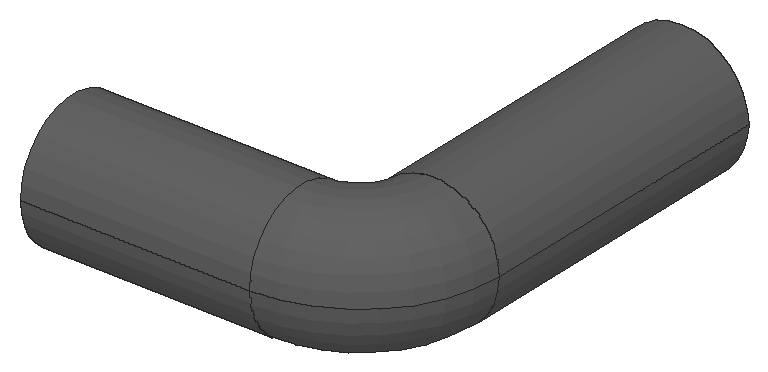
Revit family "QSS+_Отвод 45 и 87", category Соединительные детали трубопроводов, Revit 2019
Family settings
  Размер круглого соединителя = Использовать диаметр
  Тип детали = Отвод
  На основе рабочей плоскости = Нет
  Всегда вертикально = Да
  При загрузке вырезать с полостями = Нет
  Общий = Нет
Parameters (values of type "QSS+")
  Усиленный [instance] = no
  Угол [instance] = 90.00°
  Типовой = no
  Поиск в таблице имен = "QSS+_Отвод 45 и 87"
  Размер засечки [instance] = 22.5 mm
  Радиус изгиба [instance] = ADSK_Диаметр условный / 2 + 2 mm  # 22 mm
  Description = ""
  Обратить [instance] = yes
  Материал = Пластик
  Assembly Code = ""
  Manufacturer = ""
  z2 [instance] = k1 + A  # 91.3 mm
  z1 [instance] = K + A  # 116 mm
  k1 [instance] = size_lookup(Поиск в таблице имен, "k1", 100 mm, ADSK_Диаметр условный, ADSK_Угол)  # 69.3 mm
  d [instance] = ADSK_Диаметр условный / 2  # 20 mm
  a [instance] = (180.00° - ADSK_Угол) / 2  # 45.75°
  K [instance] = size_lookup(Поиск в таблице имен, "K", 100 mm, ADSK_Диаметр условный, ADSK_Угол)  # 94 mm
  URL = ""
  DN2 [instance] = 40 mm
  DN [instance] = 110 mm
  ADSK_Угол [instance] = if(Угол < 22.50°, 15.00°, if(Угол < 37.50°, 30.00°, if(Угол < 56.50°, 45.00°, if(Угол < 78.00°, 67.30°, 88.50°))))  # 88.50°
  ADSK_Наименование краткое = "Отвод"
  ADSK_Наименование [instance] = size_lookup(Поиск в таблице имен, "ADSK_Наименование", "Нет в каталоге", ADSK_Диаметр условный, ADSK_Угол)  # "Отвод 88.5° DN40"
  ADSK_Масса_Текст [instance] = ""
  ADSK_Масса [instance] = 0
  ADSK_Марка = ""
  ADSK_Код изделия [instance] = size_lookup(Поиск в таблице имен, "ADSK_Код изделия", "Нет в каталоге", ADSK_Диаметр условный, ADSK_Угол)  # "QSS-B90-040"
  ADSK_Завод-изготовитель = " Agpipe"  # constant formula
  ADSK_Единица измерения = "шт."  # constant formula
  ADSK_Диаметр условный [instance] = 40 mm
  A [instance] = Радиус изгиба * tan(Угол / 2)  # 22 mm
Reference planes
  plane 1 "По центру (Вперед/Назад)": y = 0
  plane 2: z = 0
  plane 3 "По центру (Влево/Вправо)": x = 0
  plane 4: z = 20
  plane 5: z = -20
Forms (mm)
  Sweep 1, solid, material "Пластик" <- "Материал", detail levels fine
    path in 3D
      loop
        line (-91.3, 0, 0) -> (-22, 0, 0)
        arc (-22, 0, 0) -> (-6.444, 6.444, 0) -> (0, 22, 0) r 22
        line (0, 22, 0) -> (0, 116, 0)
    profile origin (-56.65, 0, 0) x (0, 1, 0) y (0, 0, 1)
      loop
        circle (0, 0) r 20
Lines and regions (mm)
  reference lines
    curve 1: line (0, 0, 0) -> (0, 70.61, 0)
    curve 12: line (0, 0, 0) -> (-24, 0, 0)
    curve 13: line (0, 0, 0) -> (0, 55.876, 0)
    curve 14: line (0, 0, 0) -> (-70.61, 0, 0)
    curve 15: line (-13.956, 14.326, 105) -> (0, 0, 105)
  model lines, detail levels coarse+medium
    curve 2: line (-91.3, 0, 0) -> (-22, 0, 0)
    curve 3: line (0, 22, 0) -> (0, 116, 0)
    curve 4: line (-91.3, 0, 0) -> (-91.3, 22.5, 0)
    curve 5: line (-91.3, 0, 0) -> (-91.3, -22.5, 0)
    curve 6: line (0, 116, 0) -> (-22.5, 116, 0)
    curve 7: line (0, 116, 0) -> (22.5, 116, 0)
    curve 8: arc (-22, 0, 0) -> (-6.444, 6.444, 0) -> (0, 22, 0) r 22
  sketch lines
    curve 9: line (-91.3, 0, 0) -> (-22, 0, 0)
    curve 10: arc (-22, 0, 0) -> (-6.444, 6.444, 0) -> (0, 22, 0) r 22
    curve 11: line (0, 22, 0) -> (0, 116, 0)
Dimensions and locks
  "z2": curve 5 to plane 3 "По центру (Влево/Вправо)"
  "z1": curve 1 to curve 7
  "Размер засечки": curve 5 to plane 1 "По центру (Вперед/Назад)"
  "Размер засечки": plane 1 "По центру (Вперед/Назад)" to curve 4
  "Размер засечки": curve 7 to curve 1
  "Размер засечки": curve 1 to curve 6
  "A": curve 8 to plane 3 "По центру (Влево/Вправо)"
  "Радиус изгиба": plane 1 "По центру (Вперед/Назад)" to curve 8
  "d": curve 15 to curve 15
  equal spacing: plane 4, level, plane 5
  "DN2": plane 4 to plane 5
  "Радиус изгиба": radius of curve 8
  "ADSK_Диаметр условный": diameter of Sweep 1 sketch curve
  "Угол": angle plane 1 "По центру (Вперед/Назад)" to curve 1
  "Угол": angle plane 3 "По центру (Влево/Вправо)" to curve 7
  "Угол": angle plane 3 "По центру (Влево/Вправо)" to curve 6
  "Угол": angle curve 8 to curve 8
  "Угол": angle plane 1 "По центру (Вперед/Назад)" to curve 13
  "a": angle curve 15 to plane 1 "По центру (Вперед/Назад)"
  aligned and locked: level to plane 2
  aligned and locked: plane 3 "По центру (Влево/Вправо)" to curve 1
  aligned and locked: plane 1 "По центру (Вперед/Назад)" to curve 1
  aligned and locked: curve 1 to curve 7
  aligned and locked: curve 12 to curve 1
  aligned and locked: curve 12 to plane 1 "По центру (Вперед/Назад)"
  aligned and locked: curve 14 to curve 2
  aligned and locked: plane 1 "По центру (Вперед/Назад)" to curve 15
  aligned and locked: plane 3 "По центру (Влево/Вправо)" to curve 15
  aligned and locked: curve 7 to Sweep 1
  aligned and locked: Sweep 1 to curve 6
Automatic sketch dimensions
  Sweep 1 sketch curve to profile plane = 0 mm  (x2)
  plane 1 "По центру (Вперед/Назад)" to curve 14 = 0 mm
  curve 12 to plane 3 "По центру (Влево/Вправо)" = 24 mm
  curve 14 to curve 12 = 46.61 mm
Connectors
  piping at (0, 116, 0), diameter 40, driven by "ADSK_Диаметр условный", driven by "Угол"
    settings: on Sweep 1, index 1, connector inside diameter 609.6 mm, connector length 0 mm, flow factor 0, pipe flow 0.0 L/s, pressure drop 0.0 Pa, fitting loss kfactor 0, connector angle 90.00°, fixture units 0, engagement length 0 mm, angle of deflection 0.00°, flow configuration 0, flow direction 0, fitting loss method 0, system type 28, joint type 0, gender type 0, connector reference index -1, connector utility 0, adjustable connector no, is connector primary no, connector description ""
  piping at (-91.3, 0, 0), diameter 40, driven by "ADSK_Диаметр условный", driven by "Угол"
    settings: on Sweep 1, index 2, connector inside diameter 609.6 mm, connector length 0 mm, flow factor 0, pipe flow 0.0 L/s, pressure drop 0.0 Pa, fitting loss kfactor 0, connector angle 90.00°, fixture units 0, engagement length 0 mm, angle of deflection 0.00°, flow configuration 0, flow direction 0, fitting loss method 0, system type 28, joint type 0, gender type 0, connector reference index -1, connector utility 0, adjustable connector no, is connector primary yes, connector description ""
